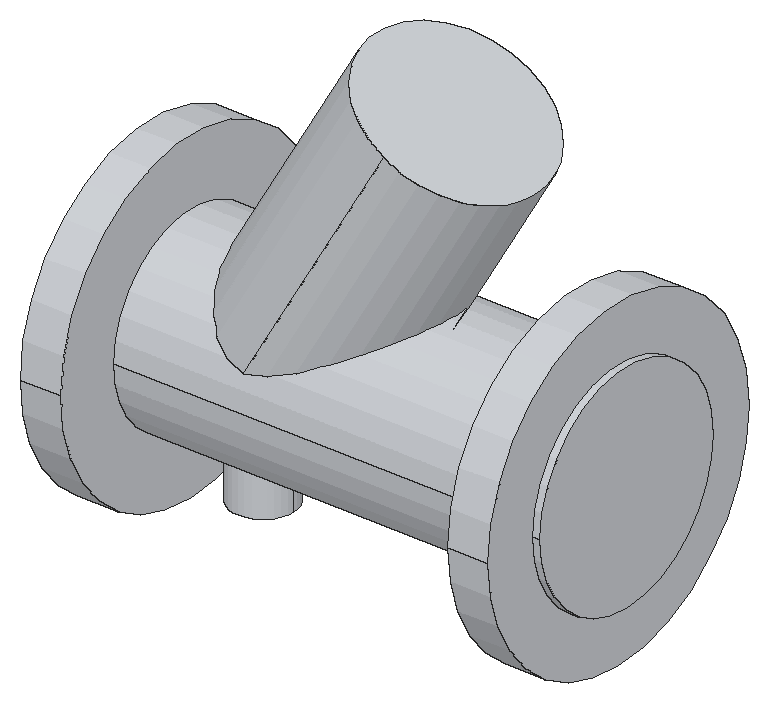
Revit family "HS 821-síto_standard-PN25-DN100-RFA_2018", category Pipe Accessories, Revit 2018
Family settings
  Round Connector Dimension = Use Diameter
  Part Type = Breaks Into
  Work Plane-Based = No
  Always vertical = Yes
  Cut with Voids When Loaded = No
  Shared = No
Parameters (values of type "821D-DN100-PN25-síto_standard")
  magiProductId = "175ca87a506b40b3bc6b82f12f33cf"
  magiProductFamilyId = "79214ac3aaa945e397802f559f5c1e"
  magiPartTypeId = 307
  isMeasuringValve [instance] = no
  ang2D [instance] = 0.00°
  ZB__ve = -ZB  # -37.25 mm
  ZB1 = 63.18 mm
  ZB = 37.25 mm
  X2 = 114.857 mm
  X1 = 49 mm
  W2D = 15 mm
  VersionID = "2.0/2017.9.26.1/ZETKAMA_821_001"
  Use Minimum Symbol Size [instance] = yes
  URL = "www.hydronic.cz"
  Type Comments = "Filtr přírubový; síto standardní; A-PN16 (-10~300°C); D-PN25 (-10~350°C); F-PN40 (-10~400°C)"
  S = 156 mm
  QmdConnectorList = "301;D;302;D"
  Productdata [instance] = ""
  Manufacturer = "Hydronic Systems Prague s.r.o."
  MC Product Code = "200 290 (821D; DN100; PN25; kvs209,6; oko síta 1,60mm)"
  LM1 = 28 mm
  LM = 280 mm
  L4 = 87.5 mm
  L2D_Min = 3048 mm
  L2D = 130 mm
  L2 = 175 mm
  HH2 = 198.937 mm
  FD = 235 mm
  Description = "Filtr přírubový; síto standardní; 821A-PN16; 821D-PN25; 821F-PN40"
  DM1 = 131.4 mm
  DM = 140.4 mm
  D = 100 mm
  CC = 5.95 mm
  CAT0 = yes
  C1 = 29.05 mm
  C = 35 mm
  BD = 44.226 mm
Types (40, lengths in mm): name | magiProductId | ZB__ve | ZB1 | ZB | X2 | X1 | S | MC Product Code | LM1 | LM | L4 | L2 | HH2 | FD | DM1 | DM | D | CC | C1 | C | BD
  821A-DN015-PN16-síto_standard | "a71bcfe8b393460598b23e8ddf7dc5" | -16.25 | 18.63 | 16.25 | 46.982 | 18.2 | 46 | "200 115 (821A; DN015; PN16; kvs6,3; oko síta 1,00mm)" | 10.4 | 104 | 32.5 | 65 | 81.375 | 95 | 27.6 | 41.4 | 15 | 2.21 | 10.79 | 13 | 13.041
  821A-DN020-PN16-síto_standard | "41cd6c7a12924f4991217528336076" | -17.75 | 22.68 | 17.75 | 51.673 | 21 | 56 | "200 120 (821A; DN020; PN16; kvs11,2; oko síta 1,00mm)" | 12 | 120 | 37.5 | 75 | 89.5 | 105 | 33.6 | 50.4 | 20 | 2.55 | 12.45 | 15 | 15.876
  821A-DN025-PN16-síto_standard | "be378b463ed14c3abf4c9b3ae8cf3a" | -19.25 | 26.325 | 19.25 | 58.601 | 22.4 | 65 | "200 125 (821A; DN025; PN16; kvs14,7; oko síta 1,00mm)" | 12.8 | 128 | 40 | 80 | 101.5 | 115 | 43.2 | 58.5 | 25 | 2.72 | 13.28 | 16 | 18.427
  821A-DN032-PN16-síto_standard | "227a0d18b21540afabe8b6067d35fa" | -23 | 30.78 | 23 | 68.849 | 25.2 | 76 | "200 132 (821A; DN032; PN16; kvs23,7; oko síta 1,00mm)" | 14.4 | 144 | 45 | 90 | 119.25 | 140 | 50.4 | 68.4 | 32 | 3.06 | 14.94 | 18 | 21.546
  821A-DN040-PN16-síto_standard | "d106917c74724141a10440112d0102" | -24.5 | 34.02 | 24.5 | 75.777 | 28 | 84 | "200 140 (821A; DN040; PN16; kvs37,7; oko síta 1,00mm)" | 16 | 160 | 50 | 100 | 131.25 | 150 | 60 | 75.6 | 40 | 3.4 | 16.6 | 20 | 23.814
  821A-DN050-PN16-síto_standard | "8255d456a09e4f6486734f5dd9171b" | -26.75 | 40.095 | 26.75 | 79.061 | 32.2 | 99 | "200 150 (821A; DN050 PN16; kvs57,9; oko síta 1,00mm)" | 18.4 | 184 | 57.5 | 115 | 136.938 | 165 | 73.8 | 89.1 | 50 | 3.91 | 19.09 | 23 | 28.066
  821A-DN065-PN16-síto_standard | "235b1b3e4c0843779a4d5e3716d40a" | -29.75 | 47.79 | 29.75 | 86.927 | 40.6 | 118 | "200 165 (821A; DN065; PN16; kvs101,5; oko síta 1,25mm)" | 23.2 | 232 | 72.5 | 145 | 150.562 | 185 | 94.2 | 106.2 | 65 | 4.93 | 24.07 | 29 | 33.453
  821A-DN080-PN16-síto_standard | "a067f7c5236348ed8c820d16df7214" | -32 | 53.46 | 32 | 104.753 | 43.4 | 132 | "200 180 (821A; DN080; PN16; kvs147,4; oko síta 1,25mm)" | 24.8 | 248 | 77.5 | 155 | 181.438 | 200 | 107.4 | 118.8 | 80 | 5.27 | 25.73 | 31 | 37.422
  821A-DN100-PN16-síto_standard | "c49a648c2747461285837d643703cd" | -35 | 63.18 | 35 | 114.857 | 49 | 156 | "200 190 (821A; DN100; PN16; kvs209,6; oko síta 1,60mm)" | 28 | 280 | 87.5 | 175 | 198.937 | 220 | 131.4 | 140.4 | 100 | 5.95 | 29.05 | 35 | 44.226
  821A-DN125-PN16-síto_standard | "bf68e728a163493cbd2a663b26ebdc" | -39.5 | 74.52 | 39.5 | 131.888 | 56 | 184 | "200 191 (821A; DN125; PN16; kvs326,2; oko síta 1,60mm)" | 32 | 320 | 100 | 200 | 228.438 | 250 | 165 | 165.6 | 125 | 6.8 | 33.2 | 40 | 52.164
  821A-DN150-PN16-síto_standard | "2de770284b654863ae6bc865769dc5" | -44.75 | 85.455 | 44.75 | 155.885 | 67.2 | 211 | "200 192 (821A; DN150; PN16; kvs403; oko síta 1,60mm)" | 38.4 | 384 | 120 | 240 | 270 | 285 | 192 | 189.9 | 150 | 8.16 | 39.84 | 48 | 59.818
  821A-DN200-PN16-síto_standard | "8e5693371ab64aabb29a7f08c76e15" | -53 | 107.73 | 53 | 188.361 | 84 | 266 | "200 193 (821A; DN200; PN16; kvs707; oko síta 1,60mm)" | 48 | 480 | 150 | 300 | 326.25 | 340 | 252 | 239.4 | 200 | 10.2 | 49.8 | 60 | 75.411
  821A-DN250-PN16-síto_standard | "05e37ed948c34047acdd4c42556504" | -62.75 | 129.195 | 62.75 | 255.911 | 102.2 | 319 | "200 194 (821A; DN250; PN16; kvs1234; oko síta 1,60mm)" | 58.4 | 584 | 182.5 | 365 | 443.25 | 405 | 309.6 | 287.1 | 250 | 12.41 | 60.59 | 73 | 90.436
  821A-DN300-PN16-síto_standard | "9ad0af747269428da925480d83ce80" | -71 | 149.85 | 71 | 325.914 | 119 | 370 | "200 195 (821A; DN300; PN16; kvs1916; oko síta 1,60mm)" | 68 | 680 | 212.5 | 425 | 564.5 | 460 | 369.6 | 333 | 300 | 14.45 | 70.55 | 85 | 104.895
  821A-DN350-PN16-síto_standard | "eebc71459bb3451bb4355e7951370a" | -80 | 173.745 | 80 | 356.875 | 137.2 | 429 | "200 196 (821A; DN350; PN16; kvs2621; oko síta 1,60mm)" | 78.4 | 784 | 245 | 490 | 618.125 | 520 | 438 | 386.1 | 350 | 16.66 | 81.34 | 98 | 121.621
  821A-DN400-PN16-síto_standard | "d2f677cb196647e385b2590e7d8abe" | -89 | 194.4 | 89 | 392.237 | 154 | 480 | "200 197 (821A; DN400; PN16; kvs3460; oko síta 1,60mm)" | 88 | 880 | 275 | 550 | 679.375 | 580 | 498 | 432 | 400 | 18.7 | 91.3 | 110 | 136.08
  821D-DN015-PN25-síto_standard | "27ddcbf555414f8ca1fde329bf9087" | -16.25 | 18.63 | 16.25 | 46.982 | 18.2 | 46 | "200 215 (821D; DN015; PN25; kvs6,3; oko síta 1,00mm)" | 10.4 | 104 | 32.5 | 65 | 81.375 | 95 | 27.6 | 41.4 | 15 | 2.21 | 10.79 | 13 | 13.041
  821D-DN020-PN25-síto_standard | "270e0f14012f47189cd0235c18faee" | -17.75 | 22.68 | 17.75 | 51.673 | 21 | 56 | "200 220 (821D; DN020; PN25; kvs11,2; oko síta 1,00mm)" | 12 | 120 | 37.5 | 75 | 89.5 | 105 | 33.6 | 50.4 | 20 | 2.55 | 12.45 | 15 | 15.876
  821D-DN025-PN25-síto_standard | "b9a7fb4aa36643878c637d8e1ab992" | -19.25 | 26.325 | 19.25 | 58.601 | 22.4 | 65 | "200 225 (821D; DN025; PN25; kvs14,7; oko síta 1,00mm)" | 12.8 | 128 | 40 | 80 | 101.5 | 115 | 43.2 | 58.5 | 25 | 2.72 | 13.28 | 16 | 18.427
  821D-DN032-PN25-síto_standard | "6be9a55c4e68400f94eec7e804204c" | -23 | 30.78 | 23 | 68.849 | 25.2 | 76 | "200 232 (821D; DN032; PN25; kvs23,7; oko síta 1,00mm)" | 14.4 | 144 | 45 | 90 | 119.25 | 140 | 50.4 | 68.4 | 32 | 3.06 | 14.94 | 18 | 21.546
  821D-DN040-PN25-síto_standard | "c54511bd7f584ec2984291479612cb" | -24.5 | 34.02 | 24.5 | 75.777 | 28 | 84 | "200 240 (821D; DN040; PN25; kvs37,7; oko síta 1,00mm)" | 16 | 160 | 50 | 100 | 131.25 | 150 | 60 | 75.6 | 40 | 3.4 | 16.6 | 20 | 23.814
  821D-DN050-PN25-síto_standard | "5483b1f596b04cd39b23a14a22c90e" | -26.75 | 40.095 | 26.75 | 79.061 | 32.2 | 99 | "200 250 (821D; DN050; PN25; kvs57,9; oko síta 1,00mm)" | 18.4 | 184 | 57.5 | 115 | 136.938 | 165 | 73.8 | 89.1 | 50 | 3.91 | 19.09 | 23 | 28.066
  821D-DN065-PN25-síto_standard | "767b0f8318e94750bc7a9930ed5b30" | -29.75 | 47.79 | 29.75 | 86.927 | 40.6 | 118 | "200 265 (821D; DN065; PN25; kvs101,5; oko síta 1,25mm)" | 23.2 | 232 | 72.5 | 145 | 150.562 | 185 | 94.2 | 106.2 | 65 | 4.93 | 24.07 | 29 | 33.453
  821D-DN080-PN25-síto_standard | "e21040fa3cc2404b858198f6b73709" | -32 | 53.46 | 32 | 104.753 | 43.4 | 132 | "200 280 (821D; DN080; PN25; kvs147,4; oko síta 1,25mm)" | 24.8 | 248 | 77.5 | 155 | 181.438 | 200 | 107.4 | 118.8 | 80 | 5.27 | 25.73 | 31 | 37.422
  821D-DN100-PN25-síto_standard | "175ca87a506b40b3bc6b82f12f33cf" | -37.25 | 63.18 | 37.25 | 114.857 | 49 | 156 | "200 290 (821D; DN100; PN25; kvs209,6; oko síta 1,60mm)" | 28 | 280 | 87.5 | 175 | 198.937 | 235 | 131.4 | 140.4 | 100 | 5.95 | 29.05 | 35 | 44.226
  821D-DN125-PN25-síto_standard | "77cc98d60da24855999a22dff726b2" | -42.5 | 74.52 | 42.5 | 131.888 | 56 | 184 | "200 291 (821D; DN125; PN25; kvs326,2; oko síta 1,60mm)" | 32 | 320 | 100 | 200 | 228.438 | 270 | 165 | 165.6 | 125 | 6.8 | 33.2 | 40 | 52.164
  821D-DN150-PN25-síto_standard | "9cf8acfcd15547d68e83172d3abcbe" | -47 | 85.455 | 47 | 155.885 | 67.2 | 211 | "200 292 (821D; DN150; PN25; kvs403; oko síta 1,60mm)" | 38.4 | 384 | 120 | 240 | 270 | 300 | 192 | 189.9 | 150 | 8.16 | 39.84 | 48 | 59.818
  821D-DN200-PN25-síto_standard | "16973f3c9ea14389ba8602495a6b64" | -56 | 110.97 | 56 | 188.361 | 84 | 274 | "200 293 (821D; DN200; PN25; kvs707; oko síta 1,60mm)" | 48 | 480 | 150 | 300 | 326.25 | 360 | 252 | 246.6 | 200 | 10.2 | 49.8 | 60 | 77.679
  821F-DN015-PN40-síto_standard | "4c7eaf3c4c0340888b3e684d8a8616" | -16.25 | 18.225 | 16.25 | 46.982 | 18.2 | 45 | "240 615 (821F; DN015; PN40; kvs6,3; oko síta 1,00mm)" | 10.4 | 104 | 32.5 | 65 | 81.375 | 95 | 27.6 | 40.5 | 15 | 2.21 | 10.79 | 13 | 12.757
  821F-DN020-PN40-síto_standard | "aaac5f1ec96b44d6ba96ac2293d66d" | -17.75 | 23.49 | 17.75 | 51.673 | 21 | 58 | "240 620 (821F; DN020; PN40; kvs11,2; oko síta 1,00mm)" | 12 | 120 | 37.5 | 75 | 89.5 | 105 | 33.6 | 52.2 | 20 | 2.55 | 12.45 | 15 | 16.443
  821F-DN025-PN40-síto_standard | "504768023968471481789485b54c7e" | -19.25 | 27.54 | 19.25 | 58.601 | 22.4 | 68 | "240 625 (821F; DN025; PN40; kvs14,7; oko síta 1,00mm)" | 12.8 | 128 | 40 | 80 | 101.5 | 115 | 43.2 | 61.2 | 25 | 2.72 | 13.28 | 16 | 19.278
  821F-DN032-PN40-síto_standard | "165e7f39cf744f329bdf1c400dad12" | -23 | 31.59 | 23 | 68.849 | 25.2 | 78 | "240 632 (821F; DN032; PN40; kvs23,7; oko síta 1,00mm)" | 14.4 | 144 | 45 | 90 | 119.25 | 140 | 50.4 | 70.2 | 32 | 3.06 | 14.94 | 18 | 22.113
  821F-DN040-PN40-síto_standard | "b8903f952089408fbf3a5a632bab1f" | -24.5 | 35.64 | 24.5 | 75.777 | 28 | 88 | "240 640 (821F; DN040; PN40; kvs37,7; oko síta 1,00mm)" | 16 | 160 | 50 | 100 | 131.25 | 150 | 60 | 79.2 | 40 | 3.4 | 16.6 | 20 | 24.948
  821F-DN050-PN40-síto_standard | "c451f97266fe48da8f879cb6a2bd44" | -26.75 | 41.31 | 26.75 | 79.061 | 32.2 | 102 | "240 650 (821F; DN050; PN40; kvs57,9; oko síta 1,00mm)" | 18.4 | 184 | 57.5 | 115 | 136.938 | 165 | 73.8 | 91.8 | 50 | 3.91 | 19.09 | 23 | 28.917
  821F-DN065-PN40-síto_standard | "dc9821e3f9b34e128f6a8c6b34c198" | -29.75 | 49.41 | 29.75 | 86.927 | 40.6 | 122 | "240 665 (821F; DN065; PN40; kvs101,5; oko síta 1,25mm)" | 23.2 | 232 | 72.5 | 145 | 150.562 | 185 | 94.2 | 109.8 | 65 | 4.93 | 24.07 | 29 | 34.587
  821F-DN080-PN40-síto_standard | "689aa1e260f84cf4994f027a1d86b5" | -32 | 55.89 | 32 | 104.753 | 43.4 | 138 | "240 680 (821F; DN080; PN40; kvs147,4; oko síta 1,25mm)" | 24.8 | 248 | 77.5 | 155 | 181.438 | 200 | 107.4 | 124.2 | 80 | 5.27 | 25.73 | 31 | 39.123
  821F-DN100-PN40-síto_standard | "8a45d4e8e2ab425f8c432f21d684f3" | -37.25 | 65.61 | 37.25 | 114.857 | 49 | 162 | "240 690 (821F; DN100; PN40; kvs209,6; oko síta 1,6mm)" | 28 | 280 | 87.5 | 175 | 198.937 | 235 | 131.4 | 145.8 | 100 | 5.95 | 29.05 | 35 | 45.927
  821F-DN125-PN40-síto_standard | "cf073904c006406b8645afa67ea2fc" | -42.5 | 76.14 | 42.5 | 131.888 | 56 | 188 | "240 691 (821F; DN125; PN40; kvs326,2; oko síta 1,6mm)" | 32 | 320 | 100 | 200 | 228.438 | 270 | 165 | 169.2 | 125 | 6.8 | 33.2 | 40 | 53.298
  821F-DN150-PN40-síto_standard | "0153b9ddabe14992a630484929fdbc" | -47 | 88.29 | 47 | 155.885 | 67.2 | 218 | "240 692 (821F; DN150; PN40; kvs403; oko síta 1,6mm)" | 38.4 | 384 | 120 | 240 | 270 | 300 | 192 | 196.2 | 150 | 8.16 | 39.84 | 48 | 61.803
  821F-DN200-PN40-síto_standard | "7fb3fc01dd8d42428c203e3f8dd4d5" | -56 | 115.425 | 56 | 188.361 | 84 | 285 | "240 693 (821F; DN200; PN40; kvs707; oko síta 1,6mm)" | 48 | 480 | 150 | 300 | 326.25 | 360 | 252 | 256.5 | 200 | 10.2 | 49.8 | 60 | 80.797
Reference planes
  plane 1 "Center (Front/Back)": y = 0
  plane 2 "XYPLANE": z = 0
  plane 3 "Center (Left/Right)": x = 0
  plane 4 "109": x = -112
  plane 5 "108": x = 140
  plane 6 "107": x = -140
  plane 7 "105": x = 175
  plane 8 "104": x = -175
  plane 9 "103": y = 0
  plane 10 "102": z = 0
  plane 11 "101": x = -169.05
  plane 12 "100": x = 169.05
  plane 13 "11": x = -63
  plane 14 "10": z = 198.937
  plane 15 "9": x = 51.857
  plane 16 "5": z = -63.18
  plane 17 "4": x = -87.5
  plane 18 "1": x = 87.5
Forms (mm)
  Extrusion 1, solid, visible <- "CAT0"
    sketch origin (-140, -750, 0) x (0, 1, 0) y (0, 0, 1)
      loop
        circle (750, 0) r 70.2
    from 0 to 280 <- "LM"
  Extrusion 2, solid
    sketch origin (-175, -750, 0) x (0, 1, 0) y (0, 0, 1)
      loop
        circle (750, 0) r 78
    from 0 to 5.95 <- "CC"
  Extrusion 3, solid
    sketch origin (-169.05, -750, 0) x (0, 1, 0) y (0, 0, 1)
      loop
        circle (750, 0) r 117.5
    from 0 to 29.05 <- "C1"
  Extrusion 4, solid
    sketch origin (140, -750, 0) x (0, 1, 0) y (0, 0, 1)
      loop
        circle (750, 0) r 117.5
    from 0 to 29.05 <- "C1"
  Extrusion 5, solid
    sketch origin (169.05, -750, 0) x (0, 1, 0) y (0, 0, 1)
      loop
        circle (750, 0) r 78
    from 0 to 5.95 <- "CC"
  Sweep 6, solid, visible <- "CAT0"
    path origin (750, 0, 0) x (-1, 0, 0) y (0, 0, 1)
      loop
        line (890, 0) -> (813, 0) -> (698.143, 198.937)
    profile origin (-140, 0, 0) x (0, 0, -1) y (0, 1, 0)
      loop
        circle (0, 0) r 65.7
  Extrusion 7, solid, visible <- "CAT0"
    sketch origin (-750, 0, -63.18) x (1, 0, 0) y (0, 1, 0)
      loop
        circle (662.5, 0) r 22.113
    from 0 to -37.25 <- "ZB__ve"
  Extrusion 8, solid, visible <- "CAT0"
    sketch origin (-750, 0, -63.18) x (1, 0, 0) y (0, 1, 0)
      loop
        circle (837.5, 0) r 22.113
    from 0 to -37.25 <- "ZB__ve"
  Extrusion 9, solid, not visible
    sketch origin (175, -750, 0) x (0, 1, 0) y (0, 0, 1)
      loop
        circle (750, 0) r 10
    from 0 to -10
  Extrusion 10, solid, not visible
    sketch origin (-175, -750, 0) x (0, 1, 0) y (0, 0, 1)
      loop
        circle (750, 0) r 10
    from 0 to 10
Lines and regions (mm)
  reference lines, not visible
    curve 1: circle (2, 2, 0) r 1 normal (0, 0, 1)
Dimensions and locks
  plane 1 "Center (Front/Back)" to curve 1 = 2 mm
  "LM1": plane 6 "107" to plane 4 "109"
  "LM": plane 6 "107" to plane 5 "108"
  "C": plane 8 "104" to plane 6 "107"
  "L2": plane 3 "Center (Left/Right)" to plane 7 "105"
  "L2": plane 3 "Center (Left/Right)" to plane 8 "104"
  locked: plane 1 "Center (Front/Back)" to plane 9 "103"
  locked: plane 2 "XYPLANE" to plane 10 "102"
  "CC": plane 8 "104" to plane 11 "101"
  "C1": plane 5 "108" to plane 12 "100"
  "X1": plane 4 "109" to plane 13 "11"
  "HH2": plane 2 "XYPLANE" to plane 14 "10"
  "X2": plane 13 "11" to plane 15 "9"
  "ZB1": plane 2 "XYPLANE" to plane 16 "5"
  "L4": plane 8 "104" to plane 17 "4"
  "L2": plane 17 "4" to plane 18 "1"
  Sweep 6 sketch curve to Sweep 6 sketch curve = 0 mm  (x2)
  "DM": diameter of Extrusion 1 sketch curve
  "S": diameter of Extrusion 2 sketch curve
  "FD": diameter of Extrusion 3 sketch curve
  "FD": diameter of Extrusion 4 sketch curve
  "S": diameter of Extrusion 5 sketch curve
  "DM1": diameter of Sweep 6 sketch curve
  "BD": diameter of Extrusion 7 sketch curve
  "BD": diameter of Extrusion 8 sketch curve
  aligned and locked: level to plane 2 "XYPLANE"
  aligned and locked: Extrusion 1 sketch curve to plane 9 "103"
  aligned and locked: plane 10 "102" to Extrusion 1 sketch curve
  aligned and locked: Extrusion 2 sketch curve to plane 9 "103"
  aligned and locked: plane 10 "102" to Extrusion 2 sketch curve
  aligned and locked: Extrusion 3 sketch curve to plane 9 "103"
  aligned and locked: plane 10 "102" to Extrusion 3 sketch curve
  aligned and locked: Extrusion 4 sketch curve to plane 9 "103"
  aligned and locked: plane 10 "102" to Extrusion 4 sketch curve
  aligned and locked: Extrusion 5 sketch curve to plane 9 "103"
  aligned and locked: plane 10 "102" to Extrusion 5 sketch curve
  aligned and locked: Sweep 6 sketch curve to plane 9 "103"
  aligned and locked: plane 10 "102" to Sweep 6 sketch curve  (x3)
  aligned and locked: plane 6 "107" to Sweep 6 sketch curve
  aligned and locked: plane 13 "11" to Sweep 6 sketch curve
  aligned and locked: plane 14 "10" to Sweep 6 sketch curve
  aligned and locked: plane 15 "9" to Sweep 6 sketch curve
  aligned and locked: plane 9 "103" to Extrusion 7 sketch curve
  aligned and locked: plane 17 "4" to Extrusion 7 sketch curve
  aligned and locked: plane 9 "103" to Extrusion 8 sketch curve
  aligned and locked: plane 18 "1" to Extrusion 8 sketch curve
  aligned and locked: Extrusion 9 sketch curve to plane 9 "103"
  aligned and locked: plane 10 "102" to Extrusion 9 sketch curve
  aligned and locked: Extrusion 10 sketch curve to plane 9 "103"
  aligned and locked: plane 10 "102" to Extrusion 10 sketch curve
Automatic sketch dimensions
  plane 1 "Center (Front/Back)" to Extrusion 9 sketch curve = 10 mm
  plane 1 "Center (Front/Back)" to Extrusion 10 sketch curve = 10 mm
  plane 3 "Center (Left/Right)" to curve 1 = 2 mm
  radius of curve 1 = 1 mm
Connectors
  piping at (-175, 0, 0), diameter 100, driven by "D"
    settings: on Extrusion 10, index 1, connector inside diameter 609.6 mm, connector length 0 mm, flow factor 0, pipe flow 0.0 L/s, pressure drop 0.0 Pa, fitting loss kfactor 0, connector angle 0.00°, fixture units 0, engagement length 0 mm, angle of deflection 0.00°, flow configuration 0, flow direction 0, fitting loss method 0, system type 29, joint type 0, gender type 0, connector reference index 2, connector utility 0, adjustable connector no, is connector primary yes, connector description ""
  piping at (175, 0, 0), diameter 100, driven by "D"
    settings: on Extrusion 9, index 2, connector inside diameter 609.6 mm, connector length 0 mm, flow factor 0, pipe flow 0.0 L/s, pressure drop 0.0 Pa, fitting loss kfactor 0, connector angle 0.00°, fixture units 0, engagement length 0 mm, angle of deflection 0.00°, flow configuration 0, flow direction 0, fitting loss method 0, system type 29, joint type 0, gender type 0, connector reference index 1, connector utility 0, adjustable connector no, is connector primary no, connector description ""
